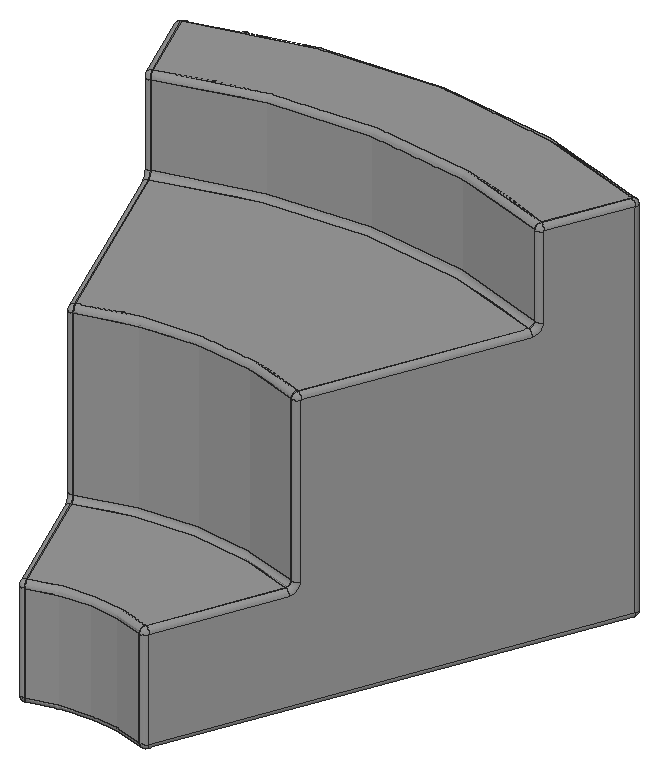
Revit family "TS1010 Elevate Tier Three Step Inside Curved Wedge", category Generic Models, Revit 2018
Family settings
  Can host rebar = No
  Round Connector Dimension = Use Diameter
  Part Type = Normal
  Work Plane-Based = No
  Always vertical = Yes
  Cut with Voids When Loaded = No
  Shared = No
  Room Calculation Point = No
Parameters
  Fabric = TS1010 Elevate Three Tier Inside Curved Wedge Fabric
Reference planes (in)
  plane 1 "Center (Front/Back)": y = 0
  plane 2: z = 0
  plane 3 "Center (Left/Right)": x = 0
Forms (in)
  Sweep 1, solid, material "TS1010 Elevate Three Tier Inside Curved Wedge Fabric" <- "Fabric"
    path origin (3.5065, 0.54208, 0) x (-0.382683, 0.92388, 0) y (0, 0, 1)
      loop
        arc (20, 34.06864) -> (19.99374, 34.08374) -> (19.97864, 34.09) r 0.02136
        line (19.97864, 34.09) -> (12.51959, 34.09)
        arc (12.51959, 34.09) -> (12.50574, 34.08426) -> (12.5, 34.07041) r 0.01959
        line (12.5, 34.07041) -> (12.5, 26.59)
        arc (12.5, 26.59) -> (12.20711, 25.88289) -> (11.5, 25.59) r 1
        line (11.5, 25.59) -> (-7.48002, 25.59)
        arc (-7.48002, 25.59) -> (-7.49415, 25.58415) -> (-7.5, 25.57002) r 0.01998
        line (-7.5, 25.57002) -> (-7.5, 10.59)
        arc (-7.5, 10.59) -> (-7.79289, 9.88289) -> (-8.5, 9.59) r 1
        line (-8.5, 9.59) -> (-19.98006, 9.59)
        arc (-19.98006, 9.59) -> (-19.9939, 9.58427) -> (-19.99963, 9.57044) r 0.01956
        line (-19.99963, 9.57044) -> (-19.99963, 0.51994)
        arc (-19.99963, 0.51994) -> (-19.99379, 0.50584) -> (-19.97969, 0.5) r 0.01994
        line (-19.97969, 0.5) -> (19.97956, 0.5)
        arc (19.97956, 0.5) -> (19.99401, 0.50599) -> (20, 0.52044) r 0.02044
        line (20, 0.52044) -> (20, 34.06864)
    profile origin (-4.14717, 19.01967, 17.29454) x (0.92388, 0.382683, 0) y (-0.382683, 0.92388, 0)
      loop
        line (-18, 0) -> (-18, 0.5)
        arc (-18, 0.5) -> (-18.35355, 0.35355) -> (-18.5, 0) r 0.5
        line (-18.5, 0) -> (-18, 0)
  Extrusion 2, solid, material "TS1010 Elevate Three Tier Inside Curved Wedge Fabric" <- "Fabric"
    sketch origin (3.49898, 0.56027, 0) x (-0.382683, 0.92388, 0) y (0, 0, -1)
      loop
        arc (19.95895, -34.09) -> (19.97406, -34.08374) -> (19.98031, -34.06864) r 0.02136
        line (19.98031, -34.06864) -> (19.98031, -0.52044)
        arc (19.98031, -0.52044) -> (19.97433, -0.50599) -> (19.95987, -0.5) r 0.02044
        line (19.95987, -0.5) -> (-19.99938, -0.5)
        arc (-19.99938, -0.5) -> (-20.01347, -0.50584) -> (-20.01931, -0.51994) r 0.01994
        line (-20.01931, -0.51994) -> (-20.01931, -9.57044)
        arc (-20.01931, -9.57044) -> (-20.01358, -9.58427) -> (-19.99975, -9.59) r 0.01956
        line (-19.99975, -9.59) -> (-8.51969, -9.59)
        arc (-8.51969, -9.59) -> (-7.81258, -9.88289) -> (-7.51969, -10.59) r 1
        line (-7.51969, -10.59) -> (-7.51969, -25.57002)
        arc (-7.51969, -25.57002) -> (-7.51384, -25.58415) -> (-7.49971, -25.59) r 0.01998
        line (-7.49971, -25.59) -> (11.48031, -25.59)
        arc (11.48031, -25.59) -> (12.18742, -25.88289) -> (12.48031, -26.59) r 1
        line (12.48031, -26.59) -> (12.48031, -34.07041)
        arc (12.48031, -34.07041) -> (12.48605, -34.08426) -> (12.49991, -34.09) r 0.01959
        line (12.49991, -34.09) -> (19.95895, -34.09)
    from 18.00001 to 18.5
  Sweep 3, solid, material "TS1010 Elevate Three Tier Inside Curved Wedge Fabric" <- "Fabric"
    path origin (-3.5065, 0.54208, 0) x (0.382683, 0.92388, 0) y (0, 0, -1)
      loop
        line (20, -34.06864) -> (20, -0.52044)
        arc (20, -0.52044) -> (19.99401, -0.50599) -> (19.97956, -0.5) r 0.02044
        line (19.97956, -0.5) -> (-19.97969, -0.5)
        arc (-19.97969, -0.5) -> (-19.99379, -0.50584) -> (-19.99963, -0.51994) r 0.01994
        line (-19.99963, -0.51994) -> (-19.99963, -9.57044)
        arc (-19.99963, -9.57044) -> (-19.9939, -9.58427) -> (-19.98006, -9.59) r 0.01956
        line (-19.98006, -9.59) -> (-8.5, -9.59)
        arc (-8.5, -9.59) -> (-7.79289, -9.88289) -> (-7.5, -10.59) r 1
        line (-7.5, -10.59) -> (-7.5, -25.57002)
        arc (-7.5, -25.57002) -> (-7.49415, -25.58415) -> (-7.48002, -25.59) r 0.01998
        line (-7.48002, -25.59) -> (11.5, -25.59)
        arc (11.5, -25.59) -> (12.20711, -25.88289) -> (12.5, -26.59) r 1
        line (12.5, -26.59) -> (12.5, -34.07041)
        arc (12.5, -34.07041) -> (12.50574, -34.08426) -> (12.51959, -34.09) r 0.01959
        line (12.51959, -34.09) -> (19.97864, -34.09)
        arc (19.97864, -34.09) -> (19.99374, -34.08374) -> (20, -34.06864) r 0.02136
    profile origin (4.14717, 19.01967, 17.29454) x (-0.92388, 0.382683, 0) y (-0.382683, -0.92388, 0)
      loop
        line (-18, 0) -> (-18.5, 0)
        arc (-18.5, 0) -> (-18.35355, -0.35355) -> (-18, -0.5) r 0.5
        line (-18, -0.5) -> (-18, 0)
  Extrusion 4, solid, material "TS1010 Elevate Three Tier Inside Curved Wedge Fabric" <- "Fabric"
    sketch origin (-3.49898, 0.56027, 0) x (0.382683, 0.92388, 0) y (0, 0, 1)
      loop
        line (19.95895, 34.09) -> (12.49991, 34.09)
        arc (12.49991, 34.09) -> (12.48605, 34.08426) -> (12.48031, 34.07041) r 0.01959
        line (12.48031, 34.07041) -> (12.48031, 26.59)
        arc (12.48031, 26.59) -> (12.18742, 25.88289) -> (11.48031, 25.59) r 1
        line (11.48031, 25.59) -> (-7.49971, 25.59)
        arc (-7.49971, 25.59) -> (-7.51384, 25.58415) -> (-7.51969, 25.57002) r 0.01998
        line (-7.51969, 25.57002) -> (-7.51969, 10.59)
        arc (-7.51969, 10.59) -> (-7.81258, 9.88289) -> (-8.51969, 9.59) r 1
        line (-8.51969, 9.59) -> (-19.99975, 9.59)
        arc (-19.99975, 9.59) -> (-20.01358, 9.58427) -> (-20.01931, 9.57044) r 0.01956
        line (-20.01931, 9.57044) -> (-20.01931, 0.51994)
        arc (-20.01931, 0.51994) -> (-20.01347, 0.50584) -> (-19.99938, 0.5) r 0.01994
        line (-19.99938, 0.5) -> (19.95987, 0.5)
        arc (19.95987, 0.5) -> (19.97433, 0.50599) -> (19.98031, 0.52044) r 0.02044
        line (19.98031, 0.52044) -> (19.98031, 34.06864)
        arc (19.98031, 34.06864) -> (19.97406, 34.08374) -> (19.95895, 34.09) r 0.02136
    from 18.00001 to 18.5
  Sweep 5, solid, material "TS1010 Elevate Three Tier Inside Curved Wedge Fabric" <- "Fabric"
    path origin (0, -60, 0) x (1, 0, 0) y (0, 1, 0)
      loop
        arc (-21.43027, 72.40197) -> (0, 76.66472) -> (21.43027, 72.40197) r 56
    profile origin (0, 16.66472, 0) x (0, 1, 0) y (0, 0, 1)
      loop
        arc (0, 34.06864) -> (-0.1527, 34.4373) -> (-0.52136, 34.59) r 0.52136
        line (-0.52136, 34.59) -> (-7.98041, 34.59)
        arc (-7.98041, 34.59) -> (-8.34781, 34.43781) -> (-8.5, 34.07041) r 0.51959
        line (-8.5, 34.07041) -> (-8.5, 26.59)
        arc (-8.5, 26.59) -> (-8.64645, 26.23645) -> (-9, 26.09) r 0.5
        line (-9, 26.09) -> (-27.98002, 26.09)
        arc (-27.98002, 26.09) -> (-28.3477, 25.9377) -> (-28.5, 25.57002) r 0.51998
        line (-28.5, 25.57002) -> (-28.5, 10.59)
        arc (-28.5, 10.59) -> (-28.64645, 10.23645) -> (-29, 10.09) r 0.5
        line (-29, 10.09) -> (-40.48006, 10.09)
        arc (-40.48006, 10.09) -> (-40.84745, 9.93782) -> (-40.99963, 9.57044) r 0.51956
        line (-40.99963, 9.57044) -> (-40.99963, 0.51994)
        arc (-40.99963, 0.51994) -> (-40.84734, 0.15229) -> (-40.47969, 0) r 0.51994
        line (-40.47969, 0) -> (-0.52044, 0)
        arc (-0.52044, 0) -> (-0.15243, 0.15243) -> (0, 0.52044) r 0.52044
        line (0, 0.52044) -> (0, 34.06864)
  Extrusion 6, void
    sketch origin (0, 0, 0) x (1, 0, 0) y (0, 1, 0)
      loop
        line (-4.13042, -28.05705) -> (-24.45051, 21) -> (-28.21835, 21) -> (-28.21835, -28.05705) -> (-4.13042, -28.05705)
      loop
        line (4.13042, -28.05705) -> (28.21835, -28.05705) -> (28.21835, 21) -> (24.45051, 21) -> (4.13042, -28.05705)
    from 0 to 37.87575
Cuts and joins
  Extrusion 6 cuts Sweep 5
Dimensions and locks (in)
  aligned and locked: plane 2 to level
